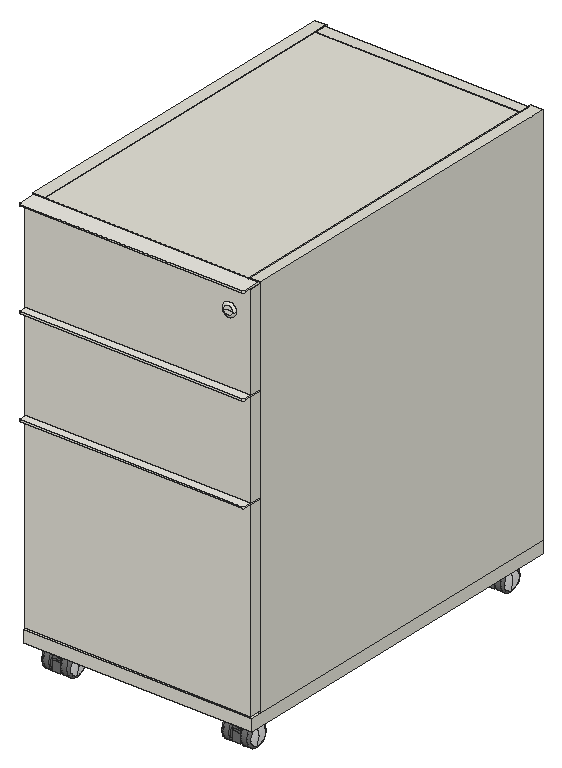
Revit family "Haworth_BeHold_Modular_Pedestal", category Furniture Systems, Revit 2018
Family settings
  Round Connector Dimension = Use Diameter
  Part Type = Normal
  OmniClass Number = 23.40.70.14.64.21
  OmniClass Title = Systems Furniture
  Work Plane-Based = No
  Always vertical = Yes
  Cut with Voids When Loaded = No
  Shared = No
  Room Calculation Point = No
Parameters (values of type "Mobile - B/B/F - Inset Back - 24d")
  With Lock = yes
  With Leg = no
  Wing Pull Length = 8 5/16"  # constant formula
  Wing Pull = no
  Warranty = "http://www.haworth.com/resources/product-info/warranties"
  URL - Product = "http://www.haworth.com/na/en/products/active-storage/be-hold.html"
  URL = "www.haworth.com"
  Trim Finish = Haworth _ Paint _ Smooth Plaster
  Total Drawer Height = Actual Height - Bottom Case Offset - Case Thickness - 1/4"  # 25 1/4"
  Top Thickness = 3/4"  # constant formula
  Top Drawer Height = if(or(Box Box File, Box File), Middle Drawer Height, Bottom Drawer Height)  # 6 1/4"
  Top Case Back Control = if(Proud Style, 0", 3/16")  # 3/16"
  Sustainability Info = "https://www.haworth.com/company-info/sustainability"
  Standard Storage Height = if(Box File, 22", 28")  # 28"
  Size = "Verify Final Dim. w/ Haworth"  # constant formula
  Side Case Back Control = if(Proud Style, Case Thickness, 0")  # 0"
  Revision Number = "1"  # constant formula
  Pull Finish = Haworth _ Paint _ Smooth Plaster
  Proud Style = not(Inset Style)  # no
  Leg Finish = Haworth _ Paint _ Sky Blue
  Glide Control = and(Attached, not(With Leg))  # no
  Actual Leg Control = and(With Leg, not(Mobile))  # no
  Model = "Haworth Be_Hold"  # constant formula
  Mobile = yes
  Min. Width = 15"  # constant formula
  Min. Height = 22"  # constant formula
  Min. Depth = if(Mobile, 18", 16")  # 18"
  Middle Drawer Height = if(Box File, (Total Drawer Height - Distance Between Drawer) / 3, (Total Drawer Height - Distance Between Drawer) / 4)  # 6 1/4"
  Leg Height = 6"  # constant formula
  Bottom Drawer Offset = Bottom Case Offset + Case Thickness + 1/8"  # 2 5/8"
  Bottom Drawer Height = if(Box File, (Total Drawer Height - Distance Between Drawer) * 2 / 3, (Total Drawer Height - Distance Between Drawer) / 2)  # 12 1/2"
  Back Case Back Control = if(Proud Style, 0", 3/16")  # 3/16"
  3 Drawer Control = Box Box File  # yes
  Max. Width = 15"  # constant formula
  Max. Depth = if(and(Attached, or(Box Box File, File File)), 30", 24")  # 24"
  Max. Height = 28"  # constant formula
  Manufacturer = "Haworth"  # constant formula
  Linear Pull Length = 8"  # constant formula
  Linear Pull = no
  Inset Style = yes
  Glide Finish = Haworth _ Polymer _ Slate
  Front Finish = Haworth _ Laminate _ Beige H-34
  Front Edge Finish = Haworth _ Laminate _ Beige H-34
  File File = not(or(Box File, Box Box File))  # no
  Drawer Width = Actual Width - 1/8"  # 14 7/8"
  Distance Between Drawer = if(Box Box File, 1/4", 1/8")  # 1/4"
  Description = "Haworth - Be_Hold - Pedestal"  # constant formula
  Depth = 24"
  Custom Size = not(or(and(Mobile, or(Depth = 18", Depth = 24")), and(Attached, Box File, or(Depth = 16", Depth = 24")), and(Attached, or(Box Box File, File File), or(Depth = 16", Depth = 18", Depth = 24", Depth = 30"))))  # no
  Cresent Pull = no
  Classic Pull Length = 6 3/4"  # constant formula
  Classic Pull = no
  Casters Side Offset = 1 9/16"  # constant formula
  Caster Front Offset = 1 7/8"  # constant formula
  Caster Finish = Haworth _ Polymer _ Slate
  Caster Back Offset = 1 3/16"  # constant formula
  Case Thickness = 3/4"  # constant formula
  Case Finish = Haworth _ Laminate _ Beige H-34
  Case Edge Finish = Haworth _ Laminate _ Beige H-34
  Box File = no
  Box Box File = yes
  Bottom Case Offset = if(Mobile, 1 3/4", if(Actual Leg Control, 6", 1/2"))  # 1 3/4"
  Blade Pull Length = Drawer Width - 1/16"  # 14 13/16"
  Blade Pull = not(or(Cresent Pull, Linear Pull, Classic Pull, Wing Pull))  # yes
  Back Case Side Control = if(Proud Style, 0", Case Thickness)  # 3/4"
  Author = "Haworth (Alias)"  # constant formula
  Attached = not(Mobile)  # no
  Assembly Code = "E2020200"
  Actual Width = 15"  # constant formula
  Actual Height = if(Actual Leg Control, Standard Storage Height + Leg Height, Standard Storage Height)  # 28"
  Actual Depth = if(Depth > Max. Depth, Max. Depth, if(Depth < Min. Depth, Min. Depth, Depth))  # 24"
  Standard Depths = if(and(Attached, or(Box Box File, File File)), "16, 18, 24, 30 in.", if(and(Attached, Box File), "16, 24 in.", "18, 24 in."))  # "18, 24 in."
  16d Leg = Actual Depth < 17"  # no
Types (6): name | Total Drawer Height | Top Drawer Height | Top Case Back Control | Standard Storage Height | Side Case Back Control | Proud Style | Glide Control | Mobile | Min. Depth | Middle Drawer Height | Bottom Drawer Offset | Bottom Drawer Height | Back Case Back Control | 3 Drawer Control | Max. Depth | Inset Style | File File | Distance Between Drawer | Depth | Box File | Box Box File | Bottom Case Offset | Back Case Side Control | Attached | Actual Height | Actual Depth | Standard Depths
  Attached - B/F - Proud Back - 24d | 20 1/2" | 6.79167" | 0" | 22" | 3/4" | yes | yes | no | 16" | 6.79167" | 1 3/8" | 13.58333" | 0" | no | 24" | no | no | 1/8" | 24" | yes | no | 1/2" | 0" | yes | 22" | 24" | "16, 24 in."
  Attached - B/B/F - Proud Back - 30d | 26 1/2" | 6 9/16" | 0" | 28" | 3/4" | yes | yes | no | 16" | 6 9/16" | 1 3/8" | 13 1/8" | 0" | yes | 30" | no | no | 1/4" | 30" | no | yes | 1/2" | 0" | yes | 28" | 30" | "16, 18, 24, 30 in."
  Attached - F/F - Proud Back - 30d | 26 1/2" | 13 3/16" | 0" | 28" | 3/4" | yes | yes | no | 16" | 6 19/32" | 1 3/8" | 13 3/16" | 0" | no | 30" | no | yes | 1/8" | 30" | no | no | 1/2" | 0" | yes | 28" | 30" | "16, 18, 24, 30 in."
  Mobile - B/F - Inset Back - 24d | 19 1/4" | 6 3/8" | 3/16" | 22" | 0" | no | no | yes | 18" | 6 3/8" | 2 5/8" | 12 3/4" | 3/16" | no | 24" | yes | no | 1/8" | 24" | yes | no | 1 3/4" | 3/4" | no | 22" | 24" | "18, 24 in."
  Mobile - B/B/F - Inset Back - 24d | 25 1/4" | 6 1/4" | 3/16" | 28" | 0" | no | no | yes | 18" | 6 1/4" | 2 5/8" | 12 1/2" | 3/16" | yes | 24" | yes | no | 1/4" | 24" | no | yes | 1 3/4" | 3/4" | no | 28" | 24" | "18, 24 in."
  Mobile - F/F - Inset Back - 24d | 25 1/4" | 12 9/16" | 3/16" | 28" | 0" | no | no | yes | 18" | 6 9/32" | 2 5/8" | 12 9/16" | 3/16" | no | 24" | yes | yes | 1/8" | 24" | no | no | 1 3/4" | 3/4" | no | 28" | 24" | "18, 24 in."
Reference planes (in)
  plane 1: z = 0
  plane 2 "Center L/R": x = -6.17556
  plane 3 "Center F/B": y = -11.5
  plane 4 "Top": z = 28
  plane 5 "Back": y = 0.5
  plane 6 "Front": y = -23.5
  plane 7 "Right": x = 1.32444
  plane 8 "Left": x = -13.67556
  plane 9 "Case Inside Left": x = -12.92556
  plane 10 "Case Inside Right": x = 0.57444
  plane 11 "Case Inside Back": y = -0.25
  plane 12 "Case Bottom": z = 1.75
  plane 13 "Casters Left": x = -12.11306
  plane 14 "Casters Right": x = -0.23806
  plane 15 "Case Inside Front": y = -22.75
  plane 16 "Inside Case Bottom": z = 2.5
  plane 17 "Inside Case Top": z = 27.25
  plane 18 "Caster Front": y = -21.625
  plane 19 "Caster Back": y = -0.6875
  plane 20 "Top of Top Drawer": z = 27.875
  plane 21 "Bottom of Bottom Drawer": z = 2.625
Forms (in)
  Sweep 1, solid, material "Haworth _ Polymer _ Slate" <- "Glide Finish", visible <- "Glide Control"
    path origin (-12.92556, 0, 0) x (0, 1, 0) y (0, 0, 1)
      loop
        line (-22.75, 1.75) -> (-22.75, 1.25)
    profile origin (-12.92556, -22.75, 1.5) x (1, 0, 0) y (0, 1, 0)
      loop
        line (0, 2.00197) -> (0, 0.25)
        arc (0, 0.25) -> (0.07322, 0.07322) -> (0.25, 0) r 0.25
        line (0.25, 0) -> (2.00197, 0)
        arc (2.00197, 0) -> (2.17875, 0.07322) -> (2.25197, 0.25) r 0.25
        line (2.25197, 0.25) -> (2.25197, 0.70079) -> (0.70079, 2.25197) -> (0.25, 2.25197)
        arc (0.25, 2.25197) -> (0.07322, 2.17875) -> (0, 2.00197) r 0.25
  Sweep 2, solid, material "Haworth _ Polymer _ Slate" <- "Glide Finish", visible <- "Glide Control"
    path origin (-12.92556, -23, 0) x (0, -1, 0) y (0, 0, 1)
      loop
        line (-22.75, 1.75) -> (-22.75, 1.25)
    profile origin (-12.92556, -0.25, 1.5) x (1, 0, 0) y (0, 1, 0)
      loop
        arc (0, -2.00197) -> (0.07322, -2.17875) -> (0.25, -2.25197) r 0.25
        line (0.25, -2.25197) -> (0.70079, -2.25197) -> (2.25197, -0.70079) -> (2.25197, -0.25)
        arc (2.25197, -0.25) -> (2.17875, -0.07322) -> (2.00197, 0) r 0.25
        line (2.00197, 0) -> (0.25, 0)
        arc (0.25, 0) -> (0.07322, -0.07322) -> (0, -0.25) r 0.25
        line (0, -0.25) -> (0, -2.00197)
  Sweep 3, solid, material "Haworth _ Polymer _ Slate" <- "Glide Finish", visible <- "Glide Control"
    path origin (0.57444, 0, 0) x (0, -1, 0) y (0, 0, 1)
      loop
        line (22.75, 1.75) -> (22.75, 1.25)
    profile origin (0.57444, -22.75, 1.5) x (-1, 0, 0) y (0, -1, 0)
      loop
        arc (0, -2.00197) -> (0.07322, -2.17875) -> (0.25, -2.25197) r 0.25
        line (0.25, -2.25197) -> (0.70079, -2.25197) -> (2.25197, -0.70079) -> (2.25197, -0.25)
        arc (2.25197, -0.25) -> (2.17875, -0.07322) -> (2.00197, 0) r 0.25
        line (2.00197, 0) -> (0.25, 0)
        arc (0.25, 0) -> (0.07322, -0.07322) -> (0, -0.25) r 0.25
        line (0, -0.25) -> (0, -2.00197)
  Sweep 4, solid, material "Haworth _ Polymer _ Slate" <- "Glide Finish", visible <- "Glide Control"
    path origin (0.57444, 0, 0) x (0, -1, 0) y (0, 0, 1)
      loop
        line (0.25, 1.75) -> (0.25, 1.25)
    profile origin (0.57444, -0.25, 1.5) x (-1, 0, 0) y (0, -1, 0)
      loop
        line (0, 2.00197) -> (0, 0.25)
        arc (0, 0.25) -> (0.07322, 0.07322) -> (0.25, 0) r 0.25
        line (0.25, 0) -> (2.00197, 0)
        arc (2.00197, 0) -> (2.17875, 0.07322) -> (2.25197, 0.25) r 0.25
        line (2.25197, 0.25) -> (2.25197, 0.70079) -> (0.70079, 2.25197) -> (0.25, 2.25197)
        arc (0.25, 2.25197) -> (0.07322, 2.17875) -> (0, 2.00197) r 0.25
  Extrusion 5, solid, material "Haworth _ Laminate _ Beige H-34" <- "Case Finish"
    sketch origin (0, 0, 0) x (1, 0, 0) y (0, 1, 0)
      loop
        line (-13.67556, 0.5) -> (-13.67556, -23.5) -> (1.32444, -23.5) -> (1.32444, 0.5) -> (-13.67556, 0.5)
    from 1.75 to 2.5
  Sweep 6, solid, material "Haworth _ Laminate _ Beige H-34" <- "Case Finish"
    path origin (0, 0, 1.75) x (0, -1, 0) y (1, 0, 0)
      loop
        line (23.5, -13.67556) -> (23.5, -12.92556)
    profile origin (-13.30056, -23.5, 1.75) x (0, 1, 0) y (0, 0, 1)
      loop
        line (0.75, 26.25) -> (0.75, 0.75) -> (24, 0.75) -> (24, 26.25) -> (0.75, 26.25)
  Sweep 7, solid, material "Haworth _ Laminate _ Beige H-34" <- "Case Finish"
    path origin (-12.35111, 0, 1.75) x (0, -1, 0) y (-1, 0, 0)
      loop
        line (23.5, -13.67556) -> (23.5, -12.92556)
    profile origin (0.94944, -23.5, 1.75) x (0, -1, 0) y (0, 0, 1)
      loop
        line (-0.75, 26.25) -> (-24, 26.25) -> (-24, 0.75) -> (-0.75, 0.75) -> (-0.75, 26.25)
  Sweep 8, solid, material "Haworth _ Laminate _ Beige H-34" <- "Case Finish"
    path origin (0, 0, 1.75) x (0, -1, 0) y (1, 0, 0)
      loop
        line (0.4375, -6.17556) -> (-0.3125, -6.17556)
    profile origin (-6.17556, -0.0625, 1.75) x (-1, 0, 0) y (0, 0, 1)
      loop
        line (-6.75, 0.75) -> (6.75, 0.75) -> (6.75, 26.25) -> (-6.75, 26.25) -> (-6.75, 0.75)
  Extrusion 9, solid, material "Haworth _ Laminate _ Beige H-34" <- "Case Finish"
    sketch origin (0, 0, 1.75) x (0, -1, 0) y (1, 0, 0)
      loop
        line (0.4375, -12.92556) -> (22.75, -12.92556) -> (22.75, 0.57444) -> (0.4375, 0.57444) -> (0.4375, -12.92556)
    from 25.5 to 26.25
Lines and regions (in)
  Masking region 1
    outline origin (0, 0, 27.25) x (0, -1, 0) y (1, 0, 0)
      loop
        line (-0.5, -13.67556) -> (23.5, -13.67556) -> (23.5, 1.32444) -> (-0.5, 1.32444) -> (-0.5, -13.67556)
  symbolic lines, style "Haworth", detail levels medium+fine
    curve 1: line (-13.67556, -22.75, 27.25) -> (1.32444, -22.75, 27.25)
Dimensions and locks (in)
  equal spacing: plane 8 "Left", plane 2 "Center L/R", plane 7 "Right"
  "Actual Width": plane 8 "Left" to plane 7 "Right"
  equal spacing: plane 5 "Back", plane 3 "Center F/B", plane 6 "Front"
  "Actual Depth": plane 5 "Back" to plane 6 "Front"
  "Case Thickness": plane 9 "Case Inside Left" to plane 8 "Left"
  "Case Thickness": plane 10 "Case Inside Right" to plane 7 "Right"
  "Bottom Case Offset": plane 12 "Case Bottom" to plane 1
  "Casters Side Offset": plane 13 "Casters Left" to plane 8 "Left"
  "Casters Side Offset": plane 14 "Casters Right" to plane 7 "Right"
  "Case Thickness": plane 11 "Case Inside Back" to plane 5 "Back"
  "Case Thickness": plane 6 "Front" to plane 15 "Case Inside Front"
  locked: Sweep 1 sketch curve to plane 12 "Case Bottom" at 0.5
  locked: Sweep 2 sketch curve to plane 12 "Case Bottom" at 0.5
  locked: Sweep 4 sketch curve to plane 12 "Case Bottom" at 0.5
  locked: Sweep 3 sketch curve to plane 12 "Case Bottom" at 0.5
  "Case Thickness": plane 16 "Inside Case Bottom" to plane 12 "Case Bottom"
  "Top Thickness": plane 4 "Top" to plane 17 "Inside Case Top"
  "Side Case Back Control": Sweep 6 sketch curve to plane 5 "Back"
  "Side Case Back Control": Sweep 7 sketch curve to plane 5 "Back"
  "Back Case Side Control": Sweep 8 sketch curve to plane 7 "Right"
  "Back Case Side Control": Sweep 8 sketch curve to plane 8 "Left"
  "Caster Back Offset": plane 19 "Caster Back" to plane 5 "Back"
  "Caster Front Offset": plane 6 "Front" to plane 18 "Caster Front"
  "Actual Height": plane 4 "Top" to plane 1
  locked: plane 4 "Top" to plane 20 "Top of Top Drawer" at 0.125
  locked: plane 21 "Bottom of Bottom Drawer" to plane 16 "Inside Case Bottom" at 0.125
  locked: nested 6 to nested 5 at 0.125
  "Case Thickness": Sweep 8 sketch curve to Sweep 8 sketch curve
  "Back Case Back Control": plane 5 "Back" to Sweep 8 sketch curve
  "Top Case Back Control": Extrusion 9 sketch curve to plane 11 "Case Inside Back"
  aligned and locked: Sweep 1 sketch curve to plane 15 "Case Inside Front"
  aligned and locked: plane 12 "Case Bottom" to Sweep 1 sketch curve
  aligned and locked: plane 11 "Case Inside Back" to Sweep 2 sketch curve
  aligned and locked: plane 12 "Case Bottom" to Sweep 2 sketch curve
  aligned and locked: plane 11 "Case Inside Back" to Sweep 4 sketch curve
  aligned and locked: plane 12 "Case Bottom" to Sweep 4 sketch curve
  aligned and locked: Sweep 3 sketch curve to plane 15 "Case Inside Front"
  aligned and locked: plane 12 "Case Bottom" to Sweep 3 sketch curve
  aligned and locked: Extrusion 5 sketch curve to plane 7 "Right"
  aligned and locked: Extrusion 5 sketch curve to plane 5 "Back"
  aligned and locked: plane 8 "Left" to Extrusion 5 sketch curve
  aligned and locked: plane 6 "Front" to Extrusion 5 sketch curve
  aligned and locked: plane 12 "Case Bottom" to Extrusion 5
  aligned and locked: plane 16 "Inside Case Bottom" to Extrusion 5
  aligned and locked: plane 8 "Left" to Sweep 6 sketch curve
  aligned and locked: Sweep 6 sketch curve to plane 9 "Case Inside Left"
  aligned and locked: Sweep 6 sketch curve to plane 6 "Front"
  aligned and locked: Sweep 6 sketch curve to plane 4 "Top"
  aligned and locked: plane 16 "Inside Case Bottom" to Sweep 6 sketch curve
  aligned and locked: plane 6 "Front" to Sweep 7 sketch curve
  aligned and locked: plane 7 "Right" to Sweep 7 sketch curve
  aligned and locked: plane 10 "Case Inside Right" to Sweep 7 sketch curve
  aligned and locked: plane 16 "Inside Case Bottom" to Sweep 7 sketch curve
  aligned and locked: Sweep 7 sketch curve to plane 4 "Top"
  aligned and locked: plane 2 "Center L/R" to Sweep 8 sketch curve
  aligned and locked: plane 4 "Top" to Sweep 8 sketch curve
  aligned and locked: Sweep 8 sketch curve to plane 16 "Inside Case Bottom"
  aligned and locked: Extrusion 9 sketch curve to plane 10 "Case Inside Right"
  aligned and locked: Extrusion 9 sketch curve to plane 9 "Case Inside Left"
  aligned and locked: plane 4 "Top" to Extrusion 9
  aligned and locked: plane 17 "Inside Case Top" to Extrusion 9
  aligned and locked: nested 3 to plane 12 "Case Bottom"
  aligned and locked: nested 1 to plane 12 "Case Bottom"
  aligned and locked: nested 4 to plane 12 "Case Bottom"
  aligned and locked: nested 2 to plane 12 "Case Bottom"
  aligned and locked: plane 19 "Caster Back" to nested 3
  aligned and locked: plane 19 "Caster Back" to nested 4
  aligned and locked: nested 1 to plane 18 "Caster Front"
  aligned and locked: nested 2 to plane 18 "Caster Front"
  aligned and locked: nested 1 to plane 13 "Casters Left"
  aligned and locked: plane 13 "Casters Left" to nested 3
  aligned and locked: nested 2 to plane 14 "Casters Right"
  aligned and locked: nested 4 to plane 14 "Casters Right"
  aligned and locked: Masking region 1 sketch curve to plane 7 "Right"
  aligned and locked: Masking region 1 sketch curve to plane 5 "Back"
  aligned and locked: plane 8 "Left" to Masking region 1 sketch curve
  aligned and locked: plane 6 "Front" to Masking region 1 sketch curve
  aligned and locked: curve 1 to plane 15 "Case Inside Front"
  aligned and locked: plane 15 "Case Inside Front" to Extrusion 9 sketch curve
  aligned and locked: plane 15 "Case Inside Front" to Sweep 7 sketch curve
  aligned and locked: plane 15 "Case Inside Front" to Sweep 6 sketch curve
  aligned and locked: nested 7 to plane 20 "Top of Top Drawer"
  aligned and locked: plane 6 "Front" to nested 5
  aligned and locked: plane 6 "Front" to nested 6
  aligned and locked: plane 6 "Front" to nested 7
  aligned and locked: plane 2 "Center L/R" to nested 7
  aligned and locked: plane 2 "Center L/R" to nested 6
  aligned and locked: plane 2 "Center L/R" to nested 5
Automatic sketch dimensions
  Sweep 1 sketch curve to plane 9 "Case Inside Left" = 0"
  profile plane to Sweep 1 sketch curve = 0"
  plane 9 "Case Inside Left" to Sweep 1 sketch curve = 1/4"
  Sweep 1 sketch curve to Sweep 1 sketch curve = 1/4"
  Sweep 1 sketch curve to Sweep 1 sketch curve = 0.45079"  (x2)
  Sweep 1 sketch curve to profile plane = 1/4"
  Sweep 1 sketch curve to Sweep 1 sketch curve = 1.75197"  (x2)
  Sweep 2 sketch curve to plane 9 "Case Inside Left" = 0"
  profile plane to Sweep 2 sketch curve = 0"
  Sweep 2 sketch curve to Sweep 2 sketch curve = 1/4"  (x2)
  Sweep 2 sketch curve to Sweep 2 sketch curve = 0.45079"  (x2)
  profile plane to Sweep 2 sketch curve = 1/4"
  Sweep 2 sketch curve to Sweep 2 sketch curve = 1.75197"  (x2)
  Sweep 3 sketch curve to plane 10 "Case Inside Right" = 0"
  Sweep 3 sketch curve to profile plane = 0"
  plane 10 "Case Inside Right" to Sweep 3 sketch curve = 1/4"  (x2)
  Sweep 3 sketch curve to Sweep 3 sketch curve = 0.45079"  (x2)
  profile plane to Sweep 3 sketch curve = 1/4"
  Sweep 3 sketch curve to Sweep 3 sketch curve = 1.75197"  (x2)
  Sweep 4 sketch curve to plane 10 "Case Inside Right" = 0"
  Sweep 4 sketch curve to profile plane = 0"
  plane 10 "Case Inside Right" to Sweep 4 sketch curve = 1/4"  (x2)
  Sweep 4 sketch curve to Sweep 4 sketch curve = 0.45079"  (x2)
  Sweep 4 sketch curve to profile plane = 1/4"
  Sweep 4 sketch curve to Sweep 4 sketch curve = 1.75197"  (x2)
  curve 1 to plane 7 "Right" = 0"
  curve 1 to plane 8 "Left" = 0"
Nested families (in)
  nested 1: "Haworth_BeHold_Casters_PART" at (-12.11306, -22.77079, 0), visible <- "Mobile", type "Casters"
  nested 2: "Haworth_BeHold_Casters_PART" at (-0.23806, -22.77079, 0), visible <- "Mobile", type "Casters"
  nested 3: "Haworth_BeHold_Casters_PART" at (-12.11306, -1.83329, 0), visible <- "Mobile", type "Casters"
  nested 4: "Haworth_BeHold_Casters_PART" at (-0.23806, -1.83329, 0), visible <- "Mobile", type "Casters"
  nested 5: "Haworth_BeHold_Drawer_PART" at (-6.17556, -22.36287, 2.625), Drawer Height <- "Bottom Drawer Height", built-in parameter 1001364 <- "Bottom Drawer Offset", type "Haworth_Drawer - Without Lock"
    with Pull Height 12 1/2", Drawer Height 12 1/2", With Lock no, Wing Pull Length 8 5/16", Wing Pull no, Drawer Width 14 7/8", Blade Pull Length 14 13/16", Blade Pull yes
  nested 6: "Haworth_BeHold_Drawer_PART" at (-6.17556, -22.36287, 15.25), Drawer Height <- "Middle Drawer Height", visible <- "3 Drawer Control", type "Haworth_Drawer - Without Lock"
    with Pull Height 6 1/4", Drawer Height 6 1/4", With Lock no, Wing Pull Length 8 5/16", Wing Pull no, Drawer Width 14 7/8", Blade Pull Length 14 13/16", Blade Pull yes
  nested 7: "Haworth_BeHold_Drawer_PART" at (-6.17556, -22.36287, 21.625), Drawer Height <- "Top Drawer Height", type "Haworth_Drawer"
    with Pull Height 6 1/4", Drawer Height 6 1/4", Wing Pull Length 8 5/16", Wing Pull no, Drawer Width 14 7/8", Blade Pull Length 14 13/16", Blade Pull yes
Definition of nested family "Haworth_BeHold_Casters_PART"
  Parameters (values of type "Casters")
    Warranty = "http://www.haworth.com/product-info/warranties"
    Version = "1"  # constant formula
    URL - Product = ""
    URL = "http://www.haworth.com/our-brands/haworth-collection"
    Size = "Verify Final Dim. w/ Haworth"  # constant formula
    Model = "Haworth Be_Hold"  # constant formula
    Manufacturer = "Haworth"  # constant formula
    Description = "Haworth Be_Hold Casters - Part"
    Caster Finish = none
    Author = "Haworth (Alias)"  # constant formula
    Assembly Code = "E2020200"
  Reference planes (in)
    plane 1 "Center Front/Back": y = 1.14579
    plane 2: z = 0
    plane 3 "Center Left/Right": x = 0
    plane 4 "Caster Center": y = 0.5887
    plane 5 "Center Height": z = 0.72835
  Forms (in)
    Revolve 1, solid, material <- "Caster Finish"
      sketch origin (0, 0.5887, 0) x (-1, 0, 0) y (0, 0, 1)
        loop
          line (-0.99211, 0.72835) -> (0.99211, 0.72835)
          arc (0.99211, 0.72835) -> (0.97517, 1.03743) -> (0.92912, 1.34354) r 3.27488
          arc (0.92912, 1.34354) -> (0.8804, 1.42478) -> (0.7912, 1.45669) r 0.14063
          line (0.7912, 1.45669) -> (0.38942, 1.45669)
          arc (0.38942, 1.45669) -> (0.35627, 1.44296) -> (0.34254, 1.40982) r 0.04688
          line (0.34254, 1.40982) -> (0.34254, 1.00984) -> (0.20476, 1.00984) -> (0.20476, 0.94308) -> (-0.20471, 0.94308) -> (-0.20471, 1.00984) -> (-0.3425, 1.00984) -> (-0.3425, 1.40982)
          arc (-0.3425, 1.40982) -> (-0.35623, 1.44296) -> (-0.38937, 1.45669) r 0.04688
          line (-0.38937, 1.45669) -> (-0.79041, 1.45669)
          arc (-0.79041, 1.45669) -> (-0.88024, 1.42455) -> (-0.92928, 1.34272) r 0.14159
          arc (-0.92928, 1.34272) -> (-0.97521, 1.03702) -> (-0.99211, 0.72835) r 3.27488
        axis (0.99211, 0.72835) -> (-0.99211, 0.72835)
      angle from 0 to 360
    Revolve 2, solid, material <- "Caster Finish"
      sketch origin (0, 1.14579, 0) x (1, 0, 0) y (0, 0, 1)
        loop
          line (0, 1.62008) -> (0, 1.29331) -> (0.18402, 1.29331) -> (0.18402, 1.36417) -> (0.24504, 1.36417)
          arc (0.24504, 1.36417) -> (0.29271, 1.43635) -> (0.27837, 1.52165) r 0.11804
          line (0.27837, 1.52165) -> (0.17715, 1.52165) -> (0.43304, 1.62008) -> (0, 1.62008)
        axis (0, 1.62008) -> (0, 1.29331)
      angle from 0 to 360
    Sweep 3, solid, material <- "Caster Finish"
      path origin (0, 0, 0) x (1, 0, 0) y (0, 1, 0)
        loop
          line (-0.27557, 0.5887) -> (0.27557, 0.5887)
      profile origin (0, 0.5887, 0) x (0, 1, 0) y (0, 0, 1)
        loop
          line (0.82585, 1.29331) -> (0.23817, 1.29331) -> (0.23817, 1.45079) -> (0, 1.45079)
          arc (0, 1.45079) -> (-0.29766, 1.38662) -> (-0.54244, 1.2055) r 0.72243
          arc (-0.54244, 1.2055) -> (-0.55468, 1.18597) -> (-0.56009, 1.16356) r 0.07169
          line (-0.56009, 1.16356) -> (-0.57214, 1.00443)
          arc (-0.57214, 1.00443) -> (-0.57562, 0.94304) -> (-0.57678, 0.88156) r 1.62789
          line (-0.57678, 0.88156) -> (-0.57678, 0.23819) -> (0.6696, 0.23819)
          arc (0.6696, 0.23819) -> (0.78009, 0.28395) -> (0.82585, 0.39444) r 0.15625
          line (0.82585, 0.39444) -> (0.82585, 1.29331)
    Extrusion 4, solid, material <- "Caster Finish"
      sketch origin (0, 0, 0) x (1, 0, 0) y (0, 1, 0)
        loop
          arc (-0.78522, 1.74615) -> (-0.9399, 1.68208) -> (-1.00397, 1.5274) r 0.21875
          line (-1.00397, 1.5274) -> (-1.00397, 0.76414)
          arc (-1.00397, 0.76414) -> (-0.9399, 0.60946) -> (-0.78522, 0.54539) r 0.21875
          line (-0.78522, 0.54539) -> (0.7835, 0.54539)
          arc (0.7835, 0.54539) -> (0.93936, 0.60995) -> (1.00392, 0.76582) r 0.22042
          line (1.00392, 0.76582) -> (1.00392, 1.5274)
          arc (1.00392, 1.5274) -> (0.93985, 1.68208) -> (0.78517, 1.74615) r 0.21875
          line (0.78517, 1.74615) -> (-0.78522, 1.74615)
      from 1.62008 to 1.75
  Lines and regions (in)
    Masking region 1
      outline origin (0, 0, 0) x (1, 0, 0) y (0, 1, 0)
        loop
          line (-0.38942, 1.31704) -> (-0.7912, 1.31704)
          arc (-0.7912, 1.31704) -> (-0.88083, 1.28478) -> (-0.92933, 1.2028) r 0.14063
          arc (-0.92933, 1.2028) -> (-0.98745, 0.5887) -> (-0.92933, -0.02541) r 3.27344
          arc (-0.92933, -0.02541) -> (-0.88083, -0.10739) -> (-0.7912, -0.13965) r 0.14063
          line (-0.7912, -0.13965) -> (-0.38942, -0.13965)
          arc (-0.38942, -0.13965) -> (-0.35627, -0.12592) -> (-0.34254, -0.09278) r 0.04688
          line (-0.34254, -0.09278) -> (-0.34254, 0.3072) -> (-0.20476, 0.3072) -> (-0.20476, 0.37396) -> (0.20471, 0.37396) -> (0.20471, 0.3072) -> (0.3425, 0.3072) -> (0.3425, -0.09278)
          arc (0.3425, -0.09278) -> (0.35623, -0.12592) -> (0.38937, -0.13965) r 0.04688
          line (0.38937, -0.13965) -> (0.79041, -0.13965)
          arc (0.79041, -0.13965) -> (0.88014, -0.10759) -> (0.92923, -0.02592) r 0.14159
          arc (0.92923, -0.02592) -> (0.98745, 0.5887) -> (0.92923, 1.20332) r 3.27344
          arc (0.92923, 1.20332) -> (0.88014, 1.28498) -> (0.79041, 1.31704) r 0.14159
          line (0.79041, 1.31704) -> (0.38937, 1.31704)
          arc (0.38937, 1.31704) -> (0.35623, 1.30331) -> (0.3425, 1.27017) r 0.04688
          line (0.3425, 1.27017) -> (0.3425, 0.87019) -> (0.20471, 0.87019) -> (0.20471, 0.80343) -> (-0.20476, 0.80343) -> (-0.20476, 0.87019) -> (-0.34254, 0.87019) -> (-0.34254, 1.27017)
          arc (-0.34254, 1.27017) -> (-0.35627, 1.30331) -> (-0.38942, 1.31704) r 0.04688
  Dimensions and locks (in)
    locked: plane 5 "Center Height" to plane 2 at 0.72835
    equal spacing: Sweep 3 sketch curve, plane 3 "Center Left/Right", Sweep 3 sketch curve, locked at 0.27557 each
    aligned and locked: level to plane 2
    aligned and locked: plane 5 "Center Height" to Revolve 1 sketch curve
    aligned and locked: Revolve 1 sketch curve to plane 5 "Center Height"
    aligned and locked: Sweep 3 sketch curve to plane 4 "Caster Center"
    aligned and locked: Revolve 2 sketch curve to plane 3 "Center Left/Right"  (x2)
Definition of nested family "Haworth_BeHold_Drawer_PART"
  Parameters (values of type "Haworth_Drawer")
    With Lock = yes
    Wing Pull Length = 6 1/2"
    Wing Pull = yes
    Warranty = "http://www.haworth.com/resources/product-info/warranties"
    URL - Product = ""
    URL = "www.haworth.com"
    Trim Finish = none
    Revision Number = "1"  # constant formula
    Pull Height [instance] = if(or(Wing Pull, Blade Pull), Drawer Height, Drawer Height - 1 21/32")  # 12"
    Pull Finish = none
    Note = "Verify Final Dim. w/ Haworth"  # constant formula
    Model = "Haworth Be_Hold"  # constant formula
    Manufacturer = "Haworth"  # constant formula
    Lock Offset Top = 1 21/32"  # constant formula
    Lock Offset Side = 1 3/8"  # constant formula
    Linear Pull = no
    Front Finish = none
    Front Edge Finish = none
    Drawer Width = 15 1/2"
    Drawer Height [instance] = 12"
    Description = "Haworth - Be_Hold - Drawer"
    Cresent Pull = no
    Classic Pull Length = 6 3/4"
    Classic Pull = no
    Blade Pull Length = 15 7/16"
    Blade Pull = no
    Linear Pull Length = 8"
    Author = "Haworth (Alias)"  # constant formula
    Assembly Code = ""
  Reference planes (in)
    plane 1 "Drawer Back": y = -0.26213
    plane 2: z = 0
    plane 3 "Center L/R": x = 0
    plane 4 "Drawer Front": y = -1.13713
    plane 5 "Left": x = -7.75
    plane 6 "Right": x = 7.75
    plane 7 "Top": z = 12
    plane 8 "Hardware Start": y = -0.38713
    plane 9 "Lock Side": x = 6.375
    plane 10 "Lock Horizontal": z = 10.34375
  Forms (in)
    Extrusion 1, solid, material <- "Front Finish"
      sketch origin (0, -1.13713, 0) x (-1, 0, 0) y (0, 0, 1)
        loop
          line (-7.75, 12) -> (-7.75, 0) -> (7.75, 0) -> (7.75, 12) -> (-7.75, 12)
      from 0 to 0.75
    Revolve 2, solid, material <- "Trim Finish", visible <- "With Lock"
      sketch origin (0, 0, 10.34375) x (-1, 0, 0) y (0, -1, 0)
        loop
          line (-6.375, 1.13713) -> (-6.375, 1.2621) -> (-6.68756, 1.2621)
          arc (-6.68756, 1.2621) -> (-6.77593, 1.2255) -> (-6.81253, 1.13713) r 0.12497
          line (-6.81253, 1.13713) -> (-6.375, 1.13713)
        axis (-6.375, 1.13713) -> (-6.375, 1.2621)
      angle from 0 to 360
  Lines and regions (in)
    Masking region 1
      outline origin (0, 0, 10.34375) x (-1, 0, 0) y (0, -1, 0)
        loop
          line (7.75, 0.38713) -> (7.75, 1.13713) -> (-7.75, 1.13713) -> (-7.75, 0.38713) -> (7.75, 0.38713)
  Dimensions and locks (in)
    equal spacing: plane 5 "Left", plane 3 "Center L/R", plane 6 "Right"
    "Drawer Width": plane 5 "Left" to plane 6 "Right"
    "Drawer Height": plane 7 "Top" to level
    locked: plane 1 "Drawer Back" to plane 8 "Hardware Start" at 0.125
    plane 4 "Drawer Front" to plane 1 "Drawer Back" = 7/8"
    plane 4 "Drawer Front" to plane 8 "Hardware Start" = 3/4"
    "Lock Offset Side": plane 9 "Lock Side" to plane 6 "Right"
    "Lock Offset Top": plane 7 "Top" to plane 10 "Lock Horizontal"
    locked: Revolve 2 sketch curve to plane 4 "Drawer Front" at 0.12497
    locked: plane 9 "Lock Side" to Revolve 2 sketch curve at 0.43753
    aligned and locked: Extrusion 1 sketch curve to plane 6 "Right"
    aligned and locked: plane 7 "Top" to Extrusion 1 sketch curve
    aligned and locked: Extrusion 1 sketch curve to plane 5 "Left"
    aligned and locked: Extrusion 1 sketch curve to plane 2
    aligned and locked: Extrusion 1 to plane 8 "Hardware Start"
    aligned and locked: Extrusion 1 to plane 4 "Drawer Front"
    aligned and locked: plane 9 "Lock Side" to Revolve 2 sketch curve  (x2)
    aligned and locked: Revolve 2 sketch curve to plane 4 "Drawer Front"
    aligned and locked: plane 3 "Center L/R" to nested 1
    aligned and locked: nested 1 to plane 4 "Drawer Front"
    aligned and locked: plane 6 "Right" to Masking region 1 sketch curve
    aligned and locked: plane 8 "Hardware Start" to Masking region 1 sketch curve
    aligned and locked: plane 4 "Drawer Front" to Masking region 1 sketch curve
    aligned and locked: plane 5 "Left" to Masking region 1 sketch curve
  Automatic sketch dimensions
    plane 8 "Hardware Start" to Revolve 2 sketch curve = 0.19925"
    Revolve 2 sketch curve to Revolve 2 sketch curve = 0.41501"
  Nested families (in)
    nested 1: "Haworth_Drawer-Pulls_PART" at (0, -1.13713, 12), built-in parameter 1001364 <- "Pull Height", type "Pull"
      with Wing yes, Linear no
  Definition of nested family "Haworth_Drawer-Pulls_PART"
    Parameters (values of type "Pull")
      Wing Pull Length = 6 1/2"
      Wing = no
      Warranty = "https://www.haworth.com/resources/product-info/warranties"
      URL = "https://www.haworth.com"
      Trim Finish = none
      Revision Number = "1"  # constant formula
      Model = "Haworth Be_Hold"  # constant formula
      Manufacturer = "Haworth"  # constant formula
      Linear Pull Length = 8"
      Linear = yes
      Description = "Haworth - Be_Hold - Pull Part"
      Cresent = no
      Classic Pull Length = 6 3/4"
      Classic = no
      Blade Pull Length = 15 7/16"
      Blade = no
      Author = "Haworth (Alias)"  # constant formula
      Assembly Code = ""
    Reference planes (in)
      plane 1 "Center Front/Back": y = 0
      plane 2: z = 0
      plane 3 "Center Left/Right": x = 0
      plane 4 "Classic Left": x = -3.375
      plane 5 "Classic Right": x = 3.375
      plane 6 "Linear Left": x = -4
      plane 7 "Linear Right": x = 4
      plane 8 "Wing Right": x = 3.25001
      plane 9 "Wing Left": x = -3.25001
      plane 10 "Blade Left": x = -7.71875
      plane 11 "Blade Right": x = 7.71875
    Forms (in)
      Extrusion 1, solid, material <- "Trim Finish", visible <- "Linear"
        sketch origin (0, 0, 0.125) x (1, 0, 0) y (0, 1, 0)
          loop
            line (-4, 0) -> (-4, -1.25) -> (4, -1.25) -> (4, 0) -> (3, 0) -> (3, -1) -> (-3, -1) -> (-3, 0) -> (-4, 0)
        from 0 to -0.25
      Extrusion 2, solid, material <- "Trim Finish", visible <- "Classic"
        sketch origin (0, 0, 0.375) x (1, 0, 0) y (0, 0, 1)
          loop
            line (-3.375, 0) -> (-3.375, -0.75)
            arc (-3.375, -0.75) -> (-3, -0.375) -> (-3.375, 0) r 0.375
        from 0 to 1
      Extrusion 3, solid, material <- "Trim Finish", visible <- "Classic"
        sketch origin (0, 0, 0.375) x (-1, 0, 0) y (0, 0, -1)
          loop
            arc (-3.375, 0.00132) -> (-3.00132, 0.375) -> (-3.375, 0.74868) r 0.37368
            line (-3.375, 0.74868) -> (-3.375, 0.00132)
        from 0 to 1
      Extrusion 4, solid, material <- "Trim Finish", visible <- "Classic"
        sketch origin (0, 0, 0.375) x (1, 0, 0) y (0, 0, 1)
          loop
            line (-3.375, 0) -> (-3.375, -0.75) -> (3.375, -0.75) -> (3.375, 0) -> (-3.375, 0)
        from 1 to 1.25
      Sweep 5, solid, material <- "Trim Finish", visible <- "Cresent"
        path origin (0, 0, 0) x (1, 0, 0) y (0, 1, 0)
          loop
            arc (-3.75002, 0) -> (-0.00002, -1.25) -> (3.74998, 0) r 6.25
        profile origin (-0.00002, -1.25, 0) x (0, 1, 0) y (0, 0, 1)
          loop
            circle (0.125, 0) r 0.125
      Sweep 6, solid, material <- "Trim Finish", visible <- "Wing"
        path origin (0, 0, 0) x (1, 0, 0) y (0, 1, 0)
          loop
            line (3.25001, 0) -> (-3.25001, 0)
        profile origin (0, 0, 0) x (0, -1, 0) y (0, 0, 1)
          loop
            line (0, -0.055) -> (0.7144, -0.45418)
            arc (0.7144, -0.45418) -> (0.85453, -0.40762) -> (0.79557, -0.27225) r 0.10001
            line (0.79557, -0.27225) -> (0, 0) -> (0, -0.055)
      Extrusion 7, void
        sketch origin (0, 0, 0) x (1, 0, 0) y (0, 1, 0)
          loop
            line (-3.25001, 0) -> (-3.25001, -0.92709) -> (-2.91255, -0.92709) -> (-3.25001, 0)
          loop
            line (3.25001, 0) -> (2.91255, -0.92709) -> (3.25001, -0.92709) -> (3.25001, 0)
        from -1 to 0.5
      Sweep 8, solid, material <- "Trim Finish", visible <- "Blade"
        path origin (0, 0, 0) x (1, 0, 0) y (0, 0, 1)
          loop
            line (0, 0) -> (0, 0.09375)
        profile origin (0, 0, 0.04687) x (-1, 0, 0) y (0, -1, 0)
          loop
            line (7.71875, -0.75) -> (7.71875, 0.40579)
            arc (7.71875, 0.40579) -> (7.682, 0.4945) -> (7.59329, 0.53125) r 0.12546
            line (7.59329, 0.53125) -> (-7.59361, 0.53125)
            arc (-7.59361, 0.53125) -> (-7.6821, 0.4946) -> (-7.71875, 0.40611) r 0.12514
            line (-7.71875, 0.40611) -> (-7.71875, -0.75) -> (7.71875, -0.75)
    Cuts and joins
      Extrusion 7 cuts Extrusion 4
      joined: Extrusion 2, Extrusion 3, Extrusion 4
      Extrusion 7 cuts Sweep 6
    Lines and regions (in)
      symbolic lines, detail levels fine
        curve 1: line (-4, 0, 0) -> (4, 0, 0)
    Dimensions and locks (in)
      equal spacing: plane 4 "Classic Left", plane 3 "Center Left/Right", plane 5 "Classic Right"
      "Classic Pull Length": plane 4 "Classic Left" to plane 5 "Classic Right"
      locked: Extrusion 1 sketch curve to Extrusion 1 sketch curve at 1  (x2)
      equal spacing: plane 6 "Linear Left", plane 3 "Center Left/Right", plane 7 "Linear Right"
      "Linear Pull Length": plane 6 "Linear Left" to plane 7 "Linear Right"
      locked: profile plane to Sweep 5 sketch curve at 0.125
      locked: plane 9 "Wing Left" to Extrusion 7 sketch curve at 0.33745
      locked: Extrusion 7 sketch curve to plane 1 "Center Front/Back" at 0.92709
      locked: plane 1 "Center Front/Back" to Extrusion 7 sketch curve at 0.92709
      Extrusion 7 sketch curve to plane 8 "Wing Right" = 0.33745"
      equal spacing: plane 11 "Blade Right", plane 3 "Center Left/Right", plane 10 "Blade Left"
      "Blade Pull Length": plane 11 "Blade Right" to plane 10 "Blade Left"
      locked: Sweep 8 sketch curve to plane 2 at 0.09375
      locked: Sweep 8 sketch curve to plane 1 "Center Front/Back" at 0.75
      locked: Sweep 8 sketch curve to plane 1 "Center Front/Back" at 0.53125
      equal spacing: plane 8 "Wing Right", plane 3 "Center Left/Right", plane 9 "Wing Left"
      "Wing Pull Length": plane 8 "Wing Right" to plane 9 "Wing Left"
      aligned and locked: plane 4 "Classic Left" to Extrusion 4 sketch curve
      aligned and locked: plane 5 "Classic Right" to Extrusion 4 sketch curve
      aligned and locked: plane 5 "Classic Right" to Extrusion 3 sketch curve
      aligned and locked: Extrusion 2 sketch curve to plane 4 "Classic Left"
      aligned and locked: Extrusion 1 sketch curve to plane 7 "Linear Right"
      aligned and locked: Extrusion 1 sketch curve to plane 6 "Linear Left"
      aligned and locked: plane 2 to Sweep 5 sketch curve
      aligned and locked: profile plane to plane 2
      aligned and locked: Sweep 6 sketch curve to plane 1 "Center Front/Back"
      aligned and locked: plane 8 "Wing Right" to Sweep 6 sketch curve
      aligned and locked: plane 9 "Wing Left" to Sweep 6 sketch curve
      aligned and locked: Extrusion 7 sketch curve to plane 9 "Wing Left"
      aligned and locked: Extrusion 7 sketch curve to plane 8 "Wing Right"
      aligned and locked: plane 2 to Sweep 8 sketch curve
      aligned and locked: Sweep 8 sketch curve to plane 10 "Blade Left"
      aligned and locked: Sweep 8 sketch curve to plane 11 "Blade Right"
      aligned and locked: plane 1 "Center Front/Back" to curve 1
      aligned and locked: plane 7 "Linear Right" to curve 1
      aligned and locked: plane 6 "Linear Left" to curve 1
    Automatic sketch dimensions
      Extrusion 2 sketch curve to level = 0"
      Extrusion 2 sketch curve to level = 3/8"
      Extrusion 3 sketch curve to level = 0"
      level to Extrusion 3 sketch curve = 0.37368"
      Extrusion 4 sketch curve to level = 3/8"
      level to Extrusion 4 sketch curve = 3/8"
      plane 1 "Center Front/Back" to Extrusion 1 sketch curve = 0"  (x2)
      plane 1 "Center Front/Back" to Extrusion 1 sketch curve = 1"
      Extrusion 1 sketch curve to Extrusion 1 sketch curve = 1/4"
      plane 1 "Center Front/Back" to Sweep 5 sketch curve = 0"  (x2)
      Sweep 5 sketch curve to plane 3 "Center Left/Right" = 0.00002"
      Sweep 5 sketch curve to plane 1 "Center Front/Back" = 5"
      Sweep 5 sketch curve to plane 6 "Linear Left" = 0.24998"
      Sweep 6 sketch curve to profile plane = 0"
      Sweep 6 sketch curve to profile plane = 0.7144"
      Sweep 6 sketch curve to Sweep 6 sketch curve = 0.04879"
      Sweep 6 sketch curve to Sweep 6 sketch curve = 0.03238"
      Sweep 6 sketch curve to level = 0.45418"
      Sweep 6 sketch curve to Sweep 6 sketch curve = 0.08731"
      Sweep 6 sketch curve to Sweep 6 sketch curve = 0.27225"
      Sweep 6 sketch curve to Sweep 6 sketch curve = 0.055"
      plane 1 "Center Front/Back" to Extrusion 7 sketch curve = 0"  (x2)
      Sweep 8 sketch curve to plane 3 "Center Left/Right" = 0"
      Sweep 8 sketch curve to Sweep 8 sketch curve = 0.12514"
      Sweep 8 sketch curve to Sweep 8 sketch curve = 0.12546"
      radius of Sweep 5 sketch curve = 1/8"
